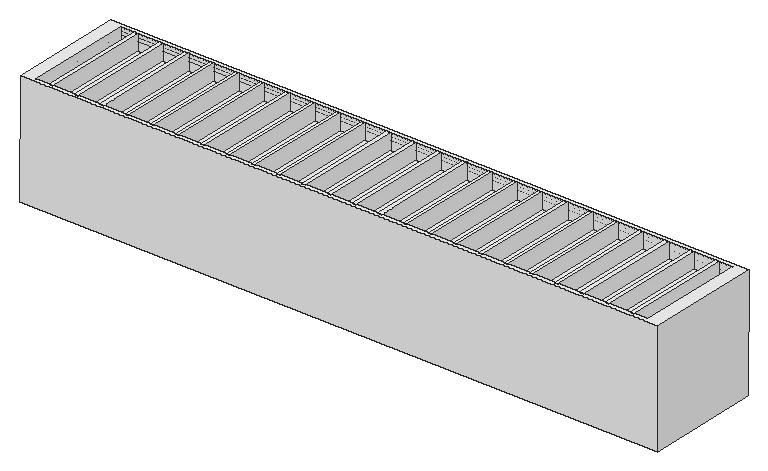
Revit family "44-S-D", category Lighting Fixtures, host Face, Revit 2014
Parameters (values of type "44-S-D-02")
  Wattage = 4 W
  Warranty = "1-Years Warranty"  # constant formula
  built-in parameter 1150110 = 1 (stored number, unit not read)
  Voltage = 120 V
  Type Comments = "Lighting Fixture"  # constant formula
  built-in parameter 1114217 = 1 (stored number, unit not read)
  Tilt Angle = -90.00°
  built-in parameter 1150109 = 1 (stored number, unit not read)
  built-in parameter 1150134 = (empty or 0)
  built-in parameter 1150113 = 1 (stored number, unit not read)
  Product Page URL = "https://www.hubbell.com/litecontrol/en/Products/Lighting-Controls/Commercial-Indoor-Lighting/Surface/MOD-44-Surface-Direct/p/277676"
  Product Documentation Link = "https://hubbellcdn.com/specsheet/44_s_d.pdf"
  Power Factor = 1
  Photometric Web File = "generic.ies"
  zz Length 1 = 2' - 0"
  Wattage Comments = ""
  URL = "https://www.hubbell.com/litecontrol/en/"
  Mounting = "Surface"  # constant formula
  Model = "44-S-D"  # constant formula
  Manufacturer = "Litecontrol Lighting"  # constant formula
  built-in parameter 1150105 = 39.789 (stored number, unit not read)
  Lumens = 500 lm
  built-in parameter 1150115 = 1 (stored number, unit not read)
  Load Classification = Lighting
  built-in parameter 1150137 = (empty or 0)
  built-in parameter 1150139 = (empty or 0)
  built-in parameter 1150112 = 1 (stored number, unit not read)
  built-in parameter 1150114 = 1 (stored number, unit not read)
  Lamp = "Fluorescent"  # constant formula
  built-in parameter 1150132 = (empty or 0)
  built-in parameter 1150102 = (empty or 0)
  built-in parameter 1150107 = 3500 (stored number, unit not read)
  built-in parameter 1150138 = (empty or 0)
  built-in parameter 1150106 = 0.39789 (stored number, unit not read)
  Glass = Glass - Hubbell - White
  Fixture Distribution = "Direct"  # constant formula
  Emit from Rectangle Width = zz Length 1 - 0' 2"  # 1' - 10"
  Emit from Rectangle Length = 0' - 4"  # constant formula
  Emit Shape Visible in Rendering = no
  built-in parameter 1150104 = 11.613 (stored number, unit not read)
  Dimming Lamp Color Temperature Shift = <None>
  Description = "MOD 44 offers a choice of T8, T5, T5HO lamping. Downlight shielding available in two baffle options or a soft glow lens"  # constant formula
  Default Elevation = 4' - 0"
  Copyright = "Copyright ©  Litecontrol"  # constant formula
  Contact Us = "https://www.hubbell.com/litecontrol/en/contactUs"
  Color Filter = 16777215
  built-in parameter 1114218 = 1 (stored number, unit not read)
  Housing Material = Paint - Hubbell - Matte White
  built-in parameter 1150133 = 10 (stored number, unit not read)
  Assembly Code = "D5020200"
  Apparent Load = 0 VA
Types (6): name | zz Length 1 | Emit from Rectangle Width
  (no name) | 2' - 0" | 1' - 10"
  44-S-D-04 | 4' - 0" | 3' - 10"
  44-S-D-02 | 2' - 0" | 1' - 10"
  44-S-D-03 | 3' - 0" | 2' - 10"
  44-S-D-06 | 6' - 0" | 5' - 10"
  44-S-D-08 | 8' - 0" | 7' - 10"
Reference planes (in)
  plane 1 "Center (Front/Back)": y = 13.01342
  plane 2: z = 0
  plane 3 "Center (Left/Right)": x = 0
  plane 4: z = 4
Dimensions and locks (in)
  locked: plane 4 to plane 2 at 4
  aligned and locked: plane 2 to host face
  aligned and locked: level to host face
  aligned and locked: plane 3 "Center (Left/Right)" to nested 1
  aligned and locked: plane 1 "Center (Front/Back)" to nested 1
  aligned and locked: plane 4 to imposter light
  aligned and locked: plane 3 "Center (Left/Right)" to imposter light
Nested families (in)
  nested 1: "44-P" at (-0.01104, 12.97343, 0), Glass <- "Glass", Backbox <- "Housing Material", Length <- "zz Length 1", type "44-P"
    with Length 2' - 0", Glass Glass - Hubbell - White, Backbox Paint - Hubbell - Matte White, Array 24
Connectors (in)
  electrical at (0, 13.01342, 0), driven by "Load Classification", driven by "Voltage", driven by "Apparent Load", driven by "Power Factor"
    settings: on nested 1, index 1, voltage 120 V, apparent load 0 VA, apparent load phase1 0 VA, apparent load phase2 0 VA, apparent load phase3 0 VA, power factor 1, load classification "Lighting", number of poles 1, system type 30, power factor state 1, is connector primary yes, connector utility no, sub classification motor no, connector description "Electrical Connector"
Definition of nested family "44-P"
  Parameters (values of type "22-P")
    Wattage Comments = ""
    URL = ""
    Model = ""
    Manufacturer = ""
    Length [instance] = 2' - 0"
    Lamp = ""
    Glass [instance] = none
    Description = ""
    Default Elevation = 4' - 0"
    Backbox [instance] = none
    Array [instance] = Length / 0' 1"  # 24
    Apparent Load = 0 VA
  Reference planes (in)
    plane 1 "Center (Front/Back)": y = 0.03999
    plane 2: z = 0
    plane 3 "Center (Left/Right)": x = 0.01104
    plane 4: z = 4.25
    plane 5: x = -11.98896
    plane 6: x = 12.01104
    plane 7: x = -11.48896
    plane 8: x = 11.51104
    plane 9: y = 2.03999
    plane 10: y = -1.96001
    plane 11: z = 3.65625
    plane 12: y = -2.08501
    plane 13: y = 2.16499
    plane 14: x = -10.98896
    plane 15: x = -10.86396
    plane 16: x = 11.01104
    plane 17: x = 10.88604
    plane 18: z = 4.125
    plane 19: z = 4
  Forms (in)
    Extrusion 1, solid
      sketch origin (0, 0, 0.06357) x (1, 0, 0) y (0, 1, 0)
        loop
          line (-48, 48) -> (-48, -48) -> (48, -48) -> (48, 48) -> (-48, 48)
      from -0.06357 to -12.81105
    Extrusion 2, void
      sketch origin (-23.78896, 8.13374, 2) x (0, -1, 0) y (1, 0, 0)
        loop
          line (6.09375, 12.3) -> (10.09375, 12.3) -> (10.09375, 35.3) -> (6.09375, 35.3) -> (6.09375, 12.3)
      from 2.25 to 1.65625
    Extrusion 3, solid, material <- "Backbox"
      sketch origin (0.01104, 0, 0) x (0, 1, 0) y (0, 0, 1)
        loop
          line (2.16499, 4.25) -> (-2.08501, 4.25) -> (-2.08501, 0) -> (2.16499, 0) -> (2.16499, 4.25)
      from -12 to 12
    Extrusion 4, solid, material <- "Glass"
      sketch origin (0, 0, 0) x (1, 0, 0) y (0, 1, 0)
        loop
          line (-11.48896, 2.03999) -> (-11.48896, -1.96001) -> (11.51104, -1.96001) -> (11.51104, 2.03999) -> (-11.48896, 2.03999)
      from 4 to 4.125
    Extrusion 5, solid, material <- "Backbox"
      sketch origin (2.38604, 0, 0) x (0, 1, 0) y (0, 0, 1)
        loop
          line (2.03999, 4.25) -> (-1.96001, 4.25) -> (-1.96001, 3.65625) -> (2.03999, 3.65625) -> (2.03999, 4.25)
      from -13.375 to -13.25
    Extrusion 6, solid, material <- "Backbox"
      sketch origin (24.26104, 0, 0) x (0, 1, 0) y (0, 0, 1)
        loop
          line (2.03999, 4.25) -> (-1.96001, 4.25) -> (-1.96001, 3.65625) -> (2.03999, 3.65625) -> (2.03999, 4.25)
      from -13.375 to -13.25
    Extrusion 7, solid, material <- "Backbox"
      sketch origin (3.33713, 0, 0) x (0, 1, 0) y (0, 0, 1)
        loop
          line (2.03999, 4.25) -> (-1.96001, 4.25) -> (-1.96001, 3.65625) -> (2.03999, 3.65625) -> (2.03999, 4.25)
      from -13.375 to -13.25
    Extrusion 8, solid, material <- "Backbox"
      sketch origin (4.28821, 0, 0) x (0, 1, 0) y (0, 0, 1)
        loop
          line (2.03999, 4.25) -> (-1.96001, 4.25) -> (-1.96001, 3.65625) -> (2.03999, 3.65625) -> (2.03999, 4.25)
      from -13.375 to -13.25
    Extrusion 9, solid, material <- "Backbox"
      sketch origin (5.2393, 0, 0) x (0, 1, 0) y (0, 0, 1)
        loop
          line (2.03999, 4.25) -> (-1.96001, 4.25) -> (-1.96001, 3.65625) -> (2.03999, 3.65625) -> (2.03999, 4.25)
      from -13.375 to -13.25
    Extrusion 10, solid, material <- "Backbox"
      sketch origin (6.19039, 0, 0) x (0, 1, 0) y (0, 0, 1)
        loop
          line (2.03999, 4.25) -> (-1.96001, 4.25) -> (-1.96001, 3.65625) -> (2.03999, 3.65625) -> (2.03999, 4.25)
      from -13.375 to -13.25
    Extrusion 11, solid, material <- "Backbox"
      sketch origin (7.14148, 0, 0) x (0, 1, 0) y (0, 0, 1)
        loop
          line (2.03999, 4.25) -> (-1.96001, 4.25) -> (-1.96001, 3.65625) -> (2.03999, 3.65625) -> (2.03999, 4.25)
      from -13.375 to -13.25
    Extrusion 12, solid, material <- "Backbox"
      sketch origin (8.09256, 0, 0) x (0, 1, 0) y (0, 0, 1)
        loop
          line (2.03999, 4.25) -> (-1.96001, 4.25) -> (-1.96001, 3.65625) -> (2.03999, 3.65625) -> (2.03999, 4.25)
      from -13.375 to -13.25
    Extrusion 13, solid, material <- "Backbox"
      sketch origin (9.04365, 0, 0) x (0, 1, 0) y (0, 0, 1)
        loop
          line (2.03999, 4.25) -> (-1.96001, 4.25) -> (-1.96001, 3.65625) -> (2.03999, 3.65625) -> (2.03999, 4.25)
      from -13.375 to -13.25
    Extrusion 14, solid, material <- "Backbox"
      sketch origin (9.99474, 0, 0) x (0, 1, 0) y (0, 0, 1)
        loop
          line (2.03999, 4.25) -> (-1.96001, 4.25) -> (-1.96001, 3.65625) -> (2.03999, 3.65625) -> (2.03999, 4.25)
      from -13.375 to -13.25
    Extrusion 15, solid, material <- "Backbox"
      sketch origin (10.94582, 0, 0) x (0, 1, 0) y (0, 0, 1)
        loop
          line (2.03999, 4.25) -> (-1.96001, 4.25) -> (-1.96001, 3.65625) -> (2.03999, 3.65625) -> (2.03999, 4.25)
      from -13.375 to -13.25
    Extrusion 16, solid, material <- "Backbox"
      sketch origin (11.89691, 0, 0) x (0, 1, 0) y (0, 0, 1)
        loop
          line (2.03999, 4.25) -> (-1.96001, 4.25) -> (-1.96001, 3.65625) -> (2.03999, 3.65625) -> (2.03999, 4.25)
      from -13.375 to -13.25
    Extrusion 17, solid, material <- "Backbox"
      sketch origin (12.848, 0, 0) x (0, 1, 0) y (0, 0, 1)
        loop
          line (2.03999, 4.25) -> (-1.96001, 4.25) -> (-1.96001, 3.65625) -> (2.03999, 3.65625) -> (2.03999, 4.25)
      from -13.375 to -13.25
    Extrusion 18, solid, material <- "Backbox"
      sketch origin (13.79908, 0, 0) x (0, 1, 0) y (0, 0, 1)
        loop
          line (2.03999, 4.25) -> (-1.96001, 4.25) -> (-1.96001, 3.65625) -> (2.03999, 3.65625) -> (2.03999, 4.25)
      from -13.375 to -13.25
    Extrusion 19, solid, material <- "Backbox"
      sketch origin (14.75017, 0, 0) x (0, 1, 0) y (0, 0, 1)
        loop
          line (2.03999, 4.25) -> (-1.96001, 4.25) -> (-1.96001, 3.65625) -> (2.03999, 3.65625) -> (2.03999, 4.25)
      from -13.375 to -13.25
    Extrusion 20, solid, material <- "Backbox"
      sketch origin (15.70126, 0, 0) x (0, 1, 0) y (0, 0, 1)
        loop
          line (2.03999, 4.25) -> (-1.96001, 4.25) -> (-1.96001, 3.65625) -> (2.03999, 3.65625) -> (2.03999, 4.25)
      from -13.375 to -13.25
    Extrusion 21, solid, material <- "Backbox"
      sketch origin (16.65234, 0, 0) x (0, 1, 0) y (0, 0, 1)
        loop
          line (2.03999, 4.25) -> (-1.96001, 4.25) -> (-1.96001, 3.65625) -> (2.03999, 3.65625) -> (2.03999, 4.25)
      from -13.375 to -13.25
    Extrusion 22, solid, material <- "Backbox"
      sketch origin (17.60343, 0, 0) x (0, 1, 0) y (0, 0, 1)
        loop
          line (2.03999, 4.25) -> (-1.96001, 4.25) -> (-1.96001, 3.65625) -> (2.03999, 3.65625) -> (2.03999, 4.25)
      from -13.375 to -13.25
    Extrusion 23, solid, material <- "Backbox"
      sketch origin (18.55452, 0, 0) x (0, 1, 0) y (0, 0, 1)
        loop
          line (2.03999, 4.25) -> (-1.96001, 4.25) -> (-1.96001, 3.65625) -> (2.03999, 3.65625) -> (2.03999, 4.25)
      from -13.375 to -13.25
    Extrusion 24, solid, material <- "Backbox"
      sketch origin (19.50561, 0, 0) x (0, 1, 0) y (0, 0, 1)
        loop
          line (2.03999, 4.25) -> (-1.96001, 4.25) -> (-1.96001, 3.65625) -> (2.03999, 3.65625) -> (2.03999, 4.25)
      from -13.375 to -13.25
    Extrusion 25, solid, material <- "Backbox"
      sketch origin (20.45669, 0, 0) x (0, 1, 0) y (0, 0, 1)
        loop
          line (2.03999, 4.25) -> (-1.96001, 4.25) -> (-1.96001, 3.65625) -> (2.03999, 3.65625) -> (2.03999, 4.25)
      from -13.375 to -13.25
    Extrusion 26, solid, material <- "Backbox"
      sketch origin (21.40778, 0, 0) x (0, 1, 0) y (0, 0, 1)
        loop
          line (2.03999, 4.25) -> (-1.96001, 4.25) -> (-1.96001, 3.65625) -> (2.03999, 3.65625) -> (2.03999, 4.25)
      from -13.375 to -13.25
    Extrusion 27, solid, material <- "Backbox"
      sketch origin (22.35887, 0, 0) x (0, 1, 0) y (0, 0, 1)
        loop
          line (2.03999, 4.25) -> (-1.96001, 4.25) -> (-1.96001, 3.65625) -> (2.03999, 3.65625) -> (2.03999, 4.25)
      from -13.375 to -13.25
    Extrusion 28, solid, material <- "Backbox"
      sketch origin (23.30995, 0, 0) x (0, 1, 0) y (0, 0, 1)
        loop
          line (2.03999, 4.25) -> (-1.96001, 4.25) -> (-1.96001, 3.65625) -> (2.03999, 3.65625) -> (2.03999, 4.25)
      from -13.375 to -13.25
  Cuts and joins
    Extrusion 2 cuts Extrusion 3
  Dimensions and locks (in)
    "Length": plane 6 to plane 5
    locked: plane 7 to plane 5 at 0.5
    locked: plane 6 to plane 8 at 0.5
    equal spacing: plane 6, plane 3 "Center (Left/Right)", plane 5
    plane 9 to plane 10 = 0' - 4"
    equal spacing: plane 9, plane 1 "Center (Front/Back)", plane 10
    plane 12 to plane 13 = 0' - 4 1/4"
    plane 12 to plane 1 "Center (Front/Back)" = 0' - 2 1/8"
    equal spacing: plane 13, plane 1 "Center (Front/Back)", plane 12
    locked: plane 4 to plane 11 at 0.59375
    locked: plane 4 to plane 2 at 4.25
    locked: plane 14 to plane 15 at 0.125
    locked: plane 16 to plane 17 at 0.125
    equal spacing: group 1, group 3, group 4, group 5, group 6, group 7, group 8, group 9, group 10, group 11, group 12, group 13, group 14, group 15, group 16, group 17, group 18, group 19, group 20, group 21, group 22, group 23, group 24, group 2  (x3)
    locked: plane 5 to plane 14 at 1
    locked: plane 16 to plane 6 at 1
    locked: plane 4 to plane 18 at 0.125
    plane 18 to plane 19 = 0' - 0 1/8"
    aligned and locked: plane 2 to Extrusion 1
    aligned and locked: plane 9 to Extrusion 2 sketch curve
    aligned and locked: plane 10 to Extrusion 2 sketch curve
    aligned and locked: plane 4 to Extrusion 3 sketch curve
    aligned and locked: plane 13 to Extrusion 3 sketch curve
    aligned and locked: Extrusion 3 sketch curve to level
    aligned and locked: plane 12 to Extrusion 3 sketch curve
    aligned and locked: Extrusion 3 to plane 5
    aligned and locked: plane 6 to Extrusion 3
    aligned and locked: Extrusion 2 to plane 11
    aligned and locked: plane 8 to Extrusion 2
    aligned and locked: Extrusion 2 to plane 7
    aligned and locked: plane 4 to Extrusion 2
    aligned and locked: Extrusion 4 sketch curve to cut or joined group of Extrusion 2, Extrusion 3  (x4)
    aligned and locked: Extrusion 5 to plane 14
    aligned and locked: plane 15 to Extrusion 5
    aligned and locked: Extrusion 6 to plane 16
    aligned and locked: plane 17 to Extrusion 6
    aligned and locked: Extrusion 4 to plane 19
    aligned and locked: plane 18 to Extrusion 4
  Automatic sketch dimensions
    Extrusion 1 sketch curve to Extrusion 1 sketch curve = 8' - 0"  (x2)
    Extrusion 2 sketch curve to plane 7 = 0' - 0"
    Extrusion 2 sketch curve to plane 8 = 0' - 0"
    Extrusion 5 sketch curve to Extrusion 5 sketch curve = 0' - 4"
    Extrusion 5 sketch curve to Extrusion 5 sketch curve = 0' - 0 19/32"
    Extrusion 6 sketch curve to Extrusion 6 sketch curve = 0' - 4"
    Extrusion 6 sketch curve to Extrusion 6 sketch curve = 0' - 0 19/32"
    Extrusion 7 sketch curve to Extrusion 7 sketch curve = 0' - 4"
    Extrusion 7 sketch curve to Extrusion 7 sketch curve = 0' - 0 19/32"
    Extrusion 8 sketch curve to Extrusion 8 sketch curve = 0' - 4"
    Extrusion 8 sketch curve to Extrusion 8 sketch curve = 0' - 0 19/32"
    Extrusion 9 sketch curve to Extrusion 9 sketch curve = 0' - 4"
    Extrusion 9 sketch curve to Extrusion 9 sketch curve = 0' - 0 19/32"
    Extrusion 10 sketch curve to Extrusion 10 sketch curve = 0' - 4"
    Extrusion 10 sketch curve to Extrusion 10 sketch curve = 0' - 0 19/32"
    Extrusion 11 sketch curve to Extrusion 11 sketch curve = 0' - 4"
    Extrusion 11 sketch curve to Extrusion 11 sketch curve = 0' - 0 19/32"
    Extrusion 12 sketch curve to Extrusion 12 sketch curve = 0' - 4"
    Extrusion 12 sketch curve to Extrusion 12 sketch curve = 0' - 0 19/32"
    Extrusion 13 sketch curve to Extrusion 13 sketch curve = 0' - 4"
    Extrusion 13 sketch curve to Extrusion 13 sketch curve = 0' - 0 19/32"
    Extrusion 14 sketch curve to Extrusion 14 sketch curve = 0' - 4"
    Extrusion 14 sketch curve to Extrusion 14 sketch curve = 0' - 0 19/32"
    Extrusion 15 sketch curve to Extrusion 15 sketch curve = 0' - 4"
    Extrusion 15 sketch curve to Extrusion 15 sketch curve = 0' - 0 19/32"
    Extrusion 16 sketch curve to Extrusion 16 sketch curve = 0' - 4"
    Extrusion 16 sketch curve to Extrusion 16 sketch curve = 0' - 0 19/32"
    Extrusion 17 sketch curve to Extrusion 17 sketch curve = 0' - 4"
    Extrusion 17 sketch curve to Extrusion 17 sketch curve = 0' - 0 19/32"
    Extrusion 18 sketch curve to Extrusion 18 sketch curve = 0' - 4"
    Extrusion 18 sketch curve to Extrusion 18 sketch curve = 0' - 0 19/32"
    Extrusion 19 sketch curve to Extrusion 19 sketch curve = 0' - 4"
    Extrusion 19 sketch curve to Extrusion 19 sketch curve = 0' - 0 19/32"
    Extrusion 20 sketch curve to Extrusion 20 sketch curve = 0' - 4"
    Extrusion 20 sketch curve to Extrusion 20 sketch curve = 0' - 0 19/32"
    Extrusion 21 sketch curve to Extrusion 21 sketch curve = 0' - 4"
    Extrusion 21 sketch curve to Extrusion 21 sketch curve = 0' - 0 19/32"
    Extrusion 22 sketch curve to Extrusion 22 sketch curve = 0' - 4"
    Extrusion 22 sketch curve to Extrusion 22 sketch curve = 0' - 0 19/32"
    Extrusion 23 sketch curve to Extrusion 23 sketch curve = 0' - 4"
    Extrusion 23 sketch curve to Extrusion 23 sketch curve = 0' - 0 19/32"
    Extrusion 24 sketch curve to Extrusion 24 sketch curve = 0' - 4"
    Extrusion 24 sketch curve to Extrusion 24 sketch curve = 0' - 0 19/32"
    Extrusion 25 sketch curve to Extrusion 25 sketch curve = 0' - 4"
    Extrusion 25 sketch curve to Extrusion 25 sketch curve = 0' - 0 19/32"
    Extrusion 26 sketch curve to Extrusion 26 sketch curve = 0' - 4"
    Extrusion 26 sketch curve to Extrusion 26 sketch curve = 0' - 0 19/32"
    Extrusion 27 sketch curve to Extrusion 27 sketch curve = 0' - 4"
    Extrusion 27 sketch curve to Extrusion 27 sketch curve = 0' - 0 19/32"
    Extrusion 28 sketch curve to Extrusion 28 sketch curve = 0' - 4"
    Extrusion 28 sketch curve to Extrusion 28 sketch curve = 0' - 0 19/32"
